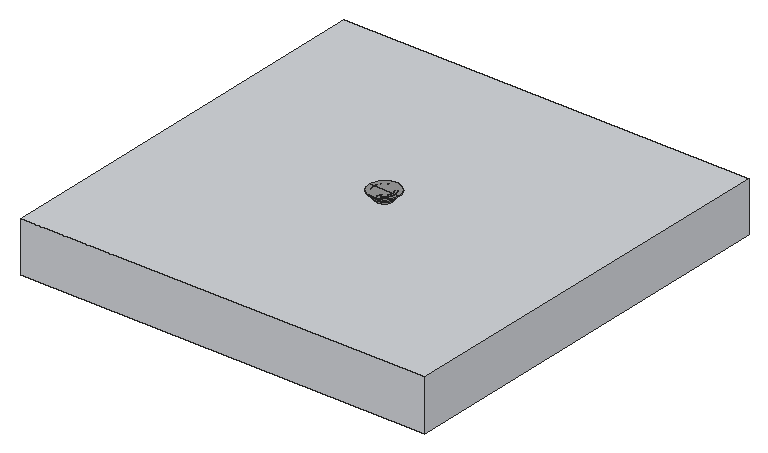
Revit family "LAMP_MUN DARK 180 SURFACE", category Modelos genéricos, Revit 2015
Parameters (values of type "45LM 3000 GRAPHITE")
  Weight = 0.616 kg
  Type = "OSRAM"
  Protection rating = "IP20"
  Product datasheet = "http://www.lamp.es/product-files/TECH/MD1180SF0120830NB-EN.pdf"
  Product code = "MD1180SF0120830NB"
  Product URL = "https://www.lamp.es/en/family/mun-dark_33380"
  Power Supply = "100-127-240V 50-60Hz"
  Power = 0.8 W
  Plum = 2.1 W
  Photometric web file = Fotometria Mun Dark 180 : 3000K
  Modelo = Product code  # "MD1180SF0120830NB"
  Material difusor = LAMP_PC Difusor Opal MunDark
  Material cuerpo = LAMP_Aluminio Mun Dark BL
  Material base = LAMP_Aluminio base MunDark BL
  Manufacturer name = "LAMP"
  Manufacturer country = "Spain"
  Manufacturer URL = "http://www.lamp.es/en"
  MacAdam = "<3"
  Luminaire type = "Indoor - Wall mounted"
  Last update = "06/11/2020"
  Lamp = "OSRAM LED"
  LED Lifetime = "50000 L70 B50"
  Insulation class = "I"
  Installation instructions = "http://www.lamp.es/product-files/INS/1004080-B-INSTR.%20MUN%20DARK.pdf"
  Initial intensity = 45 lm
  Initial color = 3000 K
  IEE = "A++"
  Height = 47 mm
  Gear = "Electronic"
  Finish = "Texturised matte graphite"
  Fabricante = Manufacturer name  # "LAMP"
  Default Elevation = 1219.2 mm
  Efficacy = 21.4 lm/W
  Diameter = 180 mm
  Descripción = "MUN DARK Ø180 WW GRH."
  CRI = "80"
Reference planes
  plane 1 "Centro (Frontal/Posterior)": y = 0
  plane 2: z = 0
  plane 3 "Centro (Izquierda/Derecha)": x = 0
Forms (mm)
  Extrusion 1, solid
    sketch origin (0, 0, 0) x (1, 0, 0) y (0, 1, 0)
      loop
        line (-1219.2, 1219.2) -> (-1219.2, -1219.2) -> (1219.2, -1219.2) -> (1219.2, 1219.2) -> (-1219.2, 1219.2)
    from 0 to -304.8
  Revolve 2, solid, material "LAMP_Aluminio Mun Dark BL" <- "Material cuerpo"
    sketch origin (0, 0, -10) x (1, 0, 0) y (0, 0, 1)
      loop
        line (0, 57) -> (0, 28.139) -> (48.5, 28.139) -> (48.5, 54.3) -> (64.2, 54.3) -> (64.2, 48.3) -> (65.2, 48.3) -> (65.2, 55) -> (90, 55) -> (90, 57) -> (0, 57)
      axis (0, 57) -> (0, 28.139)
    angle from 0 to 360
  Revolve 3, solid, material "LAMP_PC Difusor Opal MunDark" <- "Material difusor"
    sketch origin (0, 0, -10) x (1, 0, 0) y (0, 0, 1)
      loop
        line (62.194, 49.616) -> (60.194, 49.616) -> (63.173, 44.456) -> (63.173, 32.941) -> (63.173, 31.506) -> (48.373, 26.697) -> (48.373, 24.697) -> (63.1, 29.482)
        arc (63.1, 29.482) -> (64.6, 30.572) -> (65.173, 32.335) r 3
        line (65.173, 32.335) -> (65.173, 44.456) -> (62.194, 49.616)
      axis (0, 49.616) -> (0, 24.697)
    angle from 0 to 360
  Revolve 4, solid, material "LAMP_Aluminio base MunDark BL" <- "Material base"
    sketch origin (0, 0, 0) x (1, 0, 0) y (0, 0, 1)
      loop
        line (48.5, 14.697) -> (0, 14.697) -> (0, 0) -> (48.5, 0) -> (48.5, 14.697)
      axis (0, 14.697) -> (0, 0)
    angle from 0 to 360
Text (mm)
  text "Any modification of the parameters and properties of the LAMP BIM models must be executed and validated by the LAMP technical department.\n\nPhone: +34 93 736 68 00\n\nE-mail: lamp@lamp.es\n\n\n\nLAMP reserves the right to modify the technical specifications of its products." at (-15650.117, 15564.922, -14698.396), in view "Preview"
Dimensions and locks
  aligned and locked: plane 2 to Extrusion 1
  aligned and locked: level to Extrusion 1
Nested families
  nested 1: "Fotometria Mun Dark 180" at (0, 0, -1383.136), type <- "Photometric web file", type "3000K"
Connectors
  electrical at (0, 0, 0)
    settings: on Revolve 4, index 1, voltage 230 V, apparent load 0 VA, apparent load phase1 0 VA, apparent load phase2 0 VA, apparent load phase3 0 VA, power factor 1, load classification "Otro", number of poles 1, system type 31, power factor state 1, is connector primary yes, connector utility no, sub classification motor no, connector description ""
Definition of nested family "Fotometria Mun Dark 180"
  Parameters (values of type "3000K")
    Tilt Angle = -90.00°
    Wattage = 4.25532 W
    built-in parameter 1150110 = 1 (stored number, unit not read)
    built-in parameter 1150142 = "IESNA:LM-63-1995\r\n[TEST] 10540110\r\n[DATE] 26-10-2016\r\n[MANUFAC] LAMP S.A.\r\n[LUMCAT] 10540110\r\n[LUMINAIRE] MUN DARK??180 NW WH.\r\n[LAMPCAT] 300mm de tira flexible LF06A-W3F-840 a 350mA\r\n[LAMP] \r\nTILT=NONE\r\n    1        45 1.00   37   36    1    1   0.400   0.180   0.047\r\n  1.0  1.0    2.0\r\n    0.0    5.0   10.0   15.0   20.0   25.0   30.0   35.0   40.0   45.0   50.0   55.0   60.0   65.0   70.0   75.0   80.0   85.0   90.0   95.0  100.0  105.0  110.0  115.0  120.0  125.0  130.0  135.0  140.0  145.0  150.0  155.0  160.0  165.0  170.0  175.0  180.0\r\n    0.0   10.0   20.0   30.0   40.0   50.0   60.0   70.0   80.0   90.0  100.0  110.0  120.0  130.0  140.0  150.0  160.0  170.0  180.0  190.0  200.0  210.0  220.0  230.0  240.0  250.0  260.0  270.0  280.0  290.0  300.0  310.0  320.0  330.0  340.0  350.0\r\n       9.1       8.9       8.4       7.9       7.8       7.8       7.8       7.7       7.6       7.5       7.3       7.0       6.6       6.2       5.7       5.2       4.6       4.1       3.5       3.1       2.3       1.1       0.6       0.4       0.4       0.3       0.3       0.3       0.3       0.1       0.0       0.0       0.0       0.0       0.0       0.0       0.0\r\n       9.1       8.9       8.4       7.9       7.8       7.8       7.8       7.7       7.6       7.5       7.3       7.0       6.6       6.2       5.7       5.2       4.6       4.1       3.5       3.1       2.3       1.1       0.5       0.4       0.4       0.3       0.3       0.3       0.3       0.1       0.0       0.0       0.0       0.0       0.0       0.0       0.0\r\n       9.1       8.9       8.4       7.9       7.8       7.8       7.8       7.7       7.6       7.5       7.3       7.0       6.6       6.2       5.7       5.2       4.6       4.1       3.5       3.1       2.3       1.1       0.6       0.4       0.4       0.3       0.3       0.3       0.3       0.1       0.0       0.0       0.0       0.0       0.0       0.0       0.0\r\n       9.1       8.9       8.4       7.9       7.8       7.8       7.8       7.7       7.6       7.5       7.3       7.0       6.6       6.2       5.7       5.2       4.6       4.1       3.5       3.1       2.3       1.1       0.6       0.4       0.4       0.3       0.3       0.3       0.3       0.1       0.0       0.0       0.0       0.0       0.0       0.0       0.0\r\n       9.1       8.9       8.4       7.9       7.8       7.8       7.8       7.7       7.6       7.5       7.3       7.0       6.6       6.2       5.7       5.2       4.7       4.1       3.6       3.1       2.3       1.1       0.6       0.4       0.4       0.3       0.3       0.3       0.3       0.1       0.0       0.0       0.0       0.0       0.0       0.0       0.0\r\n       9.1       8.9       8.4       7.9       7.8       7.8       7.8       7.7       7.6       7.5       7.3       7.0       6.6       6.2       5.7       5.2       4.7       4.1       3.6       3.1       2.3       1.1       0.6       0.4       0.4       0.3       0.3       0.3       0.3       0.1       0.0       0.0       0.0       0.0       0.0       0.0       0.0\r\n       9.1       8.9       8.4       7.9       7.8       7.8       7.8       7.7       7.6       7.5       7.3       7.0       6.6       6.2       5.7       5.2       4.6       4.1       3.5       3.1       2.3       1.1       0.6       0.4       0.4       0.3       0.3       0.3       0.3       0.1       0.0       0.0       0.0       0.0       0.0       0.0       0.0\r\n       9.1       8.9       8.4       7.9       7.8       7.8       7.8       7.7       7.6       7.5       7.3       7.0       6.6       6.2       5.7       5.2       4.6       4.1       3.5       3.1       2.3       1.1       0.6       0.4       0.4       0.3       0.3       0.3       0.3       0.1       0.0       0.0       0.0       0.0       0.0       0.0       0.0\r\n       9.1       8.9       8.4       7.9       7.8       7.8       7.8       7.7       7.6       7.5       7.3       7.0       6.6       6.2       5.7       5.2       4.6       4.1       3.5       3.1       2.3       1.1       0.5       0.4       0.4       0.3       0.3       0.3       0.3       0.1       0.0       0.0       0.0       0.0       0.0       0.0       0.0\r\n       9.1       8.9       8.4       7.9       7.8       7.8       7.8       7.7       7.6       7.5       7.3       7.0       6.6       6.2       5.7       5.2       4.6       4.1       3.5       3.1       2.3       1.1       0.6       0.4       0.4       0.3       0.3       0.3       0.3       0.1       0.0       0.0       0.0       0.0       0.0       0.0       0.0\r\n       9.1       8.9       8.4       7.9       7.8       7.8       7.8       7.7       7.6       7.5       7.3       7.0       6.6       6.2       5.7       5.2       4.6       4.1       3.5       3.1       2.3       1.1       0.5       0.4       0.4       0.3       0.3       0.3       0.3       0.1       0.0       0.0       0.0       0.0       0.0       0.0       0.0\r\n       9.1       8.9       8.4       7.9       7.8       7.8       7.8       7.7       7.6       7.5       7.3       7.0       6.6       6.2       5.7       5.2       4.6       4.1       3.5       3.1       2.3       1.1       0.6       0.4       0.4       0.3       0.3       0.3       0.3       0.1       0.0       0.0       0.0       0.0       0.0       0.0       0.0\r\n       9.1       8.9       8.4       7.9       7.8       7.8       7.8       7.7       7.6       7.5       7.3       7.0       6.6       6.2       5.7       5.2       4.6       4.1       3.5       3.1       2.3       1.1       0.6       0.4       0.4       0.3       0.3       0.3       0.3       0.1       0.0       0.0       0.0       0.0       0.0       0.0       0.0\r\n       9.1       8.9       8.4       7.9       7.8       7.8       7.8       7.7       7.6       7.5       7.3       7.0       6.6       6.2       5.7       5.2       4.7       4.1       3.6       3.1       2.3       1.1       0.6       0.4       0.4       0.3       0.3       0.3       0.3       0.1       0.0       0.0       0.0       0.0       0.0       0.0       0.0\r\n       9.1       8.9       8.4       7.9       7.8       7.8       7.8       7.7       7.6       7.5       7.3       7.0       6.6       6.2       5.7       5.2       4.7       4.1       3.6       3.1       2.3       1.1       0.6       0.4       0.4       0.3       0.3       0.3       0.3       0.1       0.0       0.0       0.0       0.0       0.0       0.0       0.0\r\n       9.1       8.9       8.4       7.9       7.8       7.8       7.8       7.7       7.6       7.5       7.3       7.0       6.6       6.2       5.7       5.2       4.6       4.1       3.5       3.1       2.3       1.1       0.6       0.4       0.4       0.3       0.3       0.3       0.3       0.1       0.0       0.0       0.0       0.0       0.0       0.0       0.0\r\n       9.1       8.9       8.4       7.9       7.8       7.8       7.8       7.7       7.6       7.5       7.3       7.0       6.6       6.2       5.7       5.2       4.6       4.1       3.5       3.1       2.3       1.1       0.6       0.4       0.4       0.3       0.3       0.3       0.3       0.1       0.0       0.0       0.0       0.0       0.0       0.0       0.0\r\n       9.1       8.9       8.4       7.9       7.8       7.8       7.8       7.7       7.6       7.5       7.3       7.0       6.6       6.2       5.7       5.2       4.6       4.1       3.5       3.1       2.3       1.1       0.5       0.4       0.4       0.3       0.3       0.3       0.3       0.1       0.0       0.0       0.0       0.0       0.0       0.0       0.0\r\n       9.1       8.9       8.4       7.9       7.8       7.8       7.8       7.7       7.6       7.5       7.3       7.0       6.6       6.2       5.7       5.2       4.6       4.1       3.5       3.1       2.3       1.1       0.6       0.4       0.4       0.3       0.3       0.3       0.3       0.1       0.0       0.0       0.0       0.0       0.0       0.0       0.0\r\n       9.1       8.9       8.4       7.9       7.8       7.8       7.8       7.7       7.6       7.5       7.3       7.0       6.6       6.2       5.7       5.2       4.6       4.1       3.5       3.1       2.3       1.1       0.5       0.4       0.4       0.3       0.3       0.3       0.3       0.1       0.0       0.0       0.0       0.0       0.0       0.0       0.0\r\n       9.1       8.9       8.4       7.9       7.8       7.8       7.8       7.7       7.6       7.5       7.3       7.0       6.6       6.2       5.7       5.2       4.6       4.1       3.5       3.1       2.3       1.1       0.6       0.4       0.4       0.3       0.3       0.3       0.3       0.1       0.0       0.0       0.0       0.0       0.0       0.0       0.0\r\n       9.1       8.9       8.4       7.9       7.8       7.8       7.8       7.7       7.6       7.5       7.3       7.0       6.6       6.2       5.7       5.2       4.6       4.1       3.5       3.1       2.3       1.1       0.6       0.4       0.4       0.3       0.3       0.3       0.3       0.1       0.0       0.0       0.0       0.0       0.0       0.0       0.0\r\n       9.1       8.9       8.4       7.9       7.8       7.8       7.8       7.7       7.6       7.5       7.3       7.0       6.6       6.2       5.7       5.2       4.7       4.1       3.6       3.1       2.3       1.1       0.6       0.4       0.4       0.3       0.3       0.3       0.3       0.1       0.0       0.0       0.0       0.0       0.0       0.0       0.0\r\n       9.1       8.9       8.4       7.9       7.8       7.8       7.8       7.7       7.6       7.5       7.3       7.0       6.6       6.2       5.7       5.2       4.7       4.1       3.6       3.1       2.3       1.1       0.6       0.4       0.4       0.3       0.3       0.3       0.3       0.1       0.0       0.0       0.0       0.0       0.0       0.0       0.0\r\n       9.1       8.9       8.4       7.9       7.8       7.8       7.8       7.7       7.6       7.5       7.3       7.0       6.6       6.2       5.7       5.2       4.6       4.1       3.5       3.1       2.3       1.1       0.6       0.4       0.4       0.3       0.3       0.3       0.3       0.1       0.0       0.0       0.0       0.0       0.0       0.0       0.0\r\n       9.1       8.9       8.4       7.9       7.8       7.8       7.8       7.7       7.6       7.5       7.3       7.0       6.6       6.2       5.7       5.2       4.6       4.1       3.5       3.1       2.3       1.1       0.6       0.4       0.4       0.3       0.3       0.3       0.3       0.1       0.0       0.0       0.0       0.0       0.0       0.0       0.0\r\n       9.1       8.9       8.4       7.9       7.8       7.8       7.8       7.7       7.6       7.5       7.3       7.0       6.6       6.2       5.7       5.2       4.6       4.1       3.5       3.1       2.3       1.1       0.5       0.4       0.4       0.3       0.3       0.3       0.3       0.1       0.0       0.0       0.0       0.0       0.0       0.0       0.0\r\n       9.1       8.9       8.4       7.9       7.8       7.8       7.8       7.7       7.6       7.5       7.3       7.0       6.6       6.2       5.7       5.2       4.6       4.1       3.5       3.1       2.3       1.1       0.6       0.4       0.4       0.3       0.3       0.3       0.3       0.1       0.0       0.0       0.0       0.0       0.0       0.0       0.0\r\n       9.1       8.9       8.4       7.9       7.8       7.8       7.8       7.7       7.6       7.5       7.3       7.0       6.6       6.2       5.7       5.2       4.6       4.1       3.5       3.1       2.3       1.1       0.5       0.4       0.4       0.3       0.3       0.3       0.3       0.1       0.0       0.0       0.0       0.0       0.0       0.0       0.0\r\n       9.1       8.9       8.4       7.9       7.8       7.8       7.8       7.7       7.6       7.5       7.3       7.0       6.6       6.2       5.7       5.2       4.6       4.1       3.5       3.1       2.3       1.1       0.6       0.4       0.4       0.3       0.3       0.3       0.3       0.1       0.0       0.0       0.0       0.0       0.0       0.0       0.0\r\n       9.1       8.9       8.4       7.9       7.8       7.8       7.8       7.7       7.6       7.5       7.3       7.0       6.6       6.2       5.7       5.2       4.6       4.1       3.5       3.1       2.3       1.1       0.6       0.4       0.4       0.3       0.3       0.3       0.3       0.1       0.0       0.0       0.0       0.0       0.0       0.0       0.0\r\n       9.1       8.9       8.4       7.9       7.8       7.8       7.8       7.7       7.6       7.5       7.3       7.0       6.6       6.2       5.7       5.2       4.7       4.1       3.6       3.1       2.3       1.1       0.6       0.4       0.4       0.3       0.3       0.3       0.3       0.1       0.0       0.0       0.0       0.0       0.0       0.0       0.0\r\n       9.1       8.9       8.4       7.9       7.8       7.8       7.8       7.7       7.6       7.5       7.3       7.0       6.6       6.2       5.7       5.2       4.7       4.1       3.6       3.1       2.3       1.1       0.6       0.4       0.4       0.3       0.3       0.3       0.3       0.1       0.0       0.0       0.0       0.0       0.0       0.0       0.0\r\n       9.1       8.9       8.4       7.9       7.8       7.8       7.8       7.7       7.6       7.5       7.3       7.0       6.6       6.2       5.7       5.2       4.6       4.1       3.5       3.1       2.3       1.1       0.6       0.4       0.4       0.3       0.3       0.3       0.3       0.1       0.0       0.0       0.0       0.0       0.0       0.0       0.0\r\n       9.1       8.9       8.4       7.9       7.8       7.8       7.8       7.7       7.6       7.5       7.3       7.0       6.6       6.2       5.7       5.2       4.6       4.1       3.5       3.1       2.3       1.1       0.6       0.4       0.4       0.3       0.3       0.3       0.3       0.1       0.0       0.0       0.0       0.0       0.0       0.0       0.0\r\n       9.1       8.9       8.4       7.9       7.8       7.8       7.8       7.7       7.6       7.5       7.3       7.0       6.6       6.2       5.7       5.2       4.6       4.1       3.5       3.1       2.3       1.1       0.5       0.4       0.4       0.3       0.3       0.3       0.3       0.1       0.0       0.0       0.0       0.0       0.0       0.0       0.0\r\n"
    built-in parameter 1114217 = 1 (stored number, unit not read)
    built-in parameter 1150109 = 1 (stored number, unit not read)
    built-in parameter 1150134 = (empty or 0)
    built-in parameter 1150113 = 1 (stored number, unit not read)
    Lumens = 80 lm
    built-in parameter 1150115 = 1 (stored number, unit not read)
    built-in parameter 1150105 = 16.178 (stored number, unit not read)
    built-in parameter 1150137 = (empty or 0)
    built-in parameter 1150139 = (empty or 0)
    built-in parameter 1150112 = 1 (stored number, unit not read)
    built-in parameter 1150114 = 1 (stored number, unit not read)
    built-in parameter 1150132 = 2
    built-in parameter 1150102 = (empty or 0)
    built-in parameter 1150138 = (empty or 0)
    built-in parameter 1150107 = 3000 (stored number, unit not read)
    built-in parameter 1150106 = 0.16178 (stored number, unit not read)
    built-in parameter 1150104 = 1.7466 (stored number, unit not read)
    Dimming Lamp Color Temperature Shift = (empty or 0)
    Color Filter = 16777215
    built-in parameter 1114218 = 1 (stored number, unit not read)
    Photometric Web File = "10540110.IES"
    built-in parameter 1150133 = 10 (stored number, unit not read)
  Types (3, lengths in mm): name | built-in parameter 1150142 | built-in parameter 1150134 | built-in parameter 1150105 | built-in parameter 1150107 | built-in parameter 1150106 | Photometric Web File
    (no name) | "IESNA:LM-63-1995\r\n[TEST] 10540110\r\n[DATE] 26-10-2016\r\n[MANUFAC] LAMP S.A.\r\n[LUMCAT] 10540110\r\n[LUMINAIRE] MUN DARK??180 NW WH.\r\n[LAMPCAT] 300mm de tira flexible LF06A-W3F-840 a 350mA\r\n[LAMP] \r\nTILT=NONE\r\n    1        45 1.00   37   36    1    1   0.400   0.180   0.047\r\n  1.0  1.0    2.0\r\n    0.0    5.0   10.0   15.0   20.0   25.0   30.0   35.0   40.0   45.0   50.0   55.0   60.0   65.0   70.0   75.0   80.0   85.0   90.0   95.0  100.0  105.0  110.0  115.0  120.0  125.0  130.0  135.0  140.0  145.0  150.0  155.0  160.0  165.0  170.0  175.0  180.0\r\n    0.0   10.0   20.0   30.0   40.0   50.0   60.0   70.0   80.0   90.0  100.0  110.0  120.0  130.0  140.0  150.0  160.0  170.0  180.0  190.0  200.0  210.0  220.0  230.0  240.0  250.0  260.0  270.0  280.0  290.0  300.0  310.0  320.0  330.0  340.0  350.0\r\n       9.1       8.9       8.4       7.9       7.8       7.8       7.8       7.7       7.6       7.5       7.3       7.0       6.6       6.2       5.7       5.2       4.6       4.1       3.5       3.1       2.3       1.1       0.6       0.4       0.4       0.3       0.3       0.3       0.3       0.1       0.0       0.0       0.0       0.0       0.0       0.0       0.0\r\n       9.1       8.9       8.4       7.9       7.8       7.8       7.8       7.7       7.6       7.5       7.3       7.0       6.6       6.2       5.7       5.2       4.6       4.1       3.5       3.1       2.3       1.1       0.5       0.4       0.4       0.3       0.3       0.3       0.3       0.1       0.0       0.0       0.0       0.0       0.0       0.0       0.0\r\n       9.1       8.9       8.4       7.9       7.8       7.8       7.8       7.7       7.6       7.5       7.3       7.0       6.6       6.2       5.7       5.2       4.6       4.1       3.5       3.1       2.3       1.1       0.6       0.4       0.4       0.3       0.3       0.3       0.3       0.1       0.0       0.0       0.0       0.0       0.0       0.0       0.0\r\n       9.1       8.9       8.4       7.9       7.8       7.8       7.8       7.7       7.6       7.5       7.3       7.0       6.6       6.2       5.7       5.2       4.6       4.1       3.5       3.1       2.3       1.1       0.6       0.4       0.4       0.3       0.3       0.3       0.3       0.1       0.0       0.0       0.0       0.0       0.0       0.0       0.0\r\n       9.1       8.9       8.4       7.9       7.8       7.8       7.8       7.7       7.6       7.5       7.3       7.0       6.6       6.2       5.7       5.2       4.7       4.1       3.6       3.1       2.3       1.1       0.6       0.4       0.4       0.3       0.3       0.3       0.3       0.1       0.0       0.0       0.0       0.0       0.0       0.0       0.0\r\n       9.1       8.9       8.4       7.9       7.8       7.8       7.8       7.7       7.6       7.5       7.3       7.0       6.6       6.2       5.7       5.2       4.7       4.1       3.6       3.1       2.3       1.1       0.6       0.4       0.4       0.3       0.3       0.3       0.3       0.1       0.0       0.0       0.0       0.0       0.0       0.0       0.0\r\n       9.1       8.9       8.4       7.9       7.8       7.8       7.8       7.7       7.6       7.5       7.3       7.0       6.6       6.2       5.7       5.2       4.6       4.1       3.5       3.1       2.3       1.1       0.6       0.4       0.4       0.3       0.3       0.3       0.3       0.1       0.0       0.0       0.0       0.0       0.0       0.0       0.0\r\n       9.1       8.9       8.4       7.9       7.8       7.8       7.8       7.7       7.6       7.5       7.3       7.0       6.6       6.2       5.7       5.2       4.6       4.1       3.5       3.1       2.3       1.1       0.6       0.4       0.4       0.3       0.3       0.3       0.3       0.1       0.0       0.0       0.0       0.0       0.0       0.0       0.0\r\n       9.1       8.9       8.4       7.9       7.8       7.8       7.8       7.7       7.6       7.5       7.3       7.0       6.6       6.2       5.7       5.2       4.6       4.1       3.5       3.1       2.3       1.1       0.5       0.4       0.4       0.3       0.3       0.3       0.3       0.1       0.0       0.0       0.0       0.0       0.0       0.0       0.0\r\n       9.1       8.9       8.4       7.9       7.8       7.8       7.8       7.7       7.6       7.5       7.3       7.0       6.6       6.2       5.7       5.2       4.6       4.1       3.5       3.1       2.3       1.1       0.6       0.4       0.4       0.3       0.3       0.3       0.3       0.1       0.0       0.0       0.0       0.0       0.0       0.0       0.0\r\n       9.1       8.9       8.4       7.9       7.8       7.8       7.8       7.7       7.6       7.5       7.3       7.0       6.6       6.2       5.7       5.2       4.6       4.1       3.5       3.1       2.3       1.1       0.5       0.4       0.4       0.3       0.3       0.3       0.3       0.1       0.0       0.0       0.0       0.0       0.0       0.0       0.0\r\n       9.1       8.9       8.4       7.9       7.8       7.8       7.8       7.7       7.6       7.5       7.3       7.0       6.6       6.2       5.7       5.2       4.6       4.1       3.5       3.1       2.3       1.1       0.6       0.4       0.4       0.3       0.3       0.3       0.3       0.1       0.0       0.0       0.0       0.0       0.0       0.0       0.0\r\n       9.1       8.9       8.4       7.9       7.8       7.8       7.8       7.7       7.6       7.5       7.3       7.0       6.6       6.2       5.7       5.2       4.6       4.1       3.5       3.1       2.3       1.1       0.6       0.4       0.4       0.3       0.3       0.3       0.3       0.1       0.0       0.0       0.0       0.0       0.0       0.0       0.0\r\n       9.1       8.9       8.4       7.9       7.8       7.8       7.8       7.7       7.6       7.5       7.3       7.0       6.6       6.2       5.7       5.2       4.7       4.1       3.6       3.1       2.3       1.1       0.6       0.4       0.4       0.3       0.3       0.3       0.3       0.1       0.0       0.0       0.0       0.0       0.0       0.0       0.0\r\n       9.1       8.9       8.4       7.9       7.8       7.8       7.8       7.7       7.6       7.5       7.3       7.0       6.6       6.2       5.7       5.2       4.7       4.1       3.6       3.1       2.3       1.1       0.6       0.4       0.4       0.3       0.3       0.3       0.3       0.1       0.0       0.0       0.0       0.0       0.0       0.0       0.0\r\n       9.1       8.9       8.4       7.9       7.8       7.8       7.8       7.7       7.6       7.5       7.3       7.0       6.6       6.2       5.7       5.2       4.6       4.1       3.5       3.1       2.3       1.1       0.6       0.4       0.4       0.3       0.3       0.3       0.3       0.1       0.0       0.0       0.0       0.0       0.0       0.0       0.0\r\n       9.1       8.9       8.4       7.9       7.8       7.8       7.8       7.7       7.6       7.5       7.3       7.0       6.6       6.2       5.7       5.2       4.6       4.1       3.5       3.1       2.3       1.1       0.6       0.4       0.4       0.3       0.3       0.3       0.3       0.1       0.0       0.0       0.0       0.0       0.0       0.0       0.0\r\n       9.1       8.9       8.4       7.9       7.8       7.8       7.8       7.7       7.6       7.5       7.3       7.0       6.6       6.2       5.7       5.2       4.6       4.1       3.5       3.1       2.3       1.1       0.5       0.4       0.4       0.3       0.3       0.3       0.3       0.1       0.0       0.0       0.0       0.0       0.0       0.0       0.0\r\n       9.1       8.9       8.4       7.9       7.8       7.8       7.8       7.7       7.6       7.5       7.3       7.0       6.6       6.2       5.7       5.2       4.6       4.1       3.5       3.1       2.3       1.1       0.6       0.4       0.4       0.3       0.3       0.3       0.3       0.1       0.0       0.0       0.0       0.0       0.0       0.0       0.0\r\n       9.1       8.9       8.4       7.9       7.8       7.8       7.8       7.7       7.6       7.5       7.3       7.0       6.6       6.2       5.7       5.2       4.6       4.1       3.5       3.1       2.3       1.1       0.5       0.4       0.4       0.3       0.3       0.3       0.3       0.1       0.0       0.0       0.0       0.0       0.0       0.0       0.0\r\n       9.1       8.9       8.4       7.9       7.8       7.8       7.8       7.7       7.6       7.5       7.3       7.0       6.6       6.2       5.7       5.2       4.6       4.1       3.5       3.1       2.3       1.1       0.6       0.4       0.4       0.3       0.3       0.3       0.3       0.1       0.0       0.0       0.0       0.0       0.0       0.0       0.0\r\n       9.1       8.9       8.4       7.9       7.8       7.8       7.8       7.7       7.6       7.5       7.3       7.0       6.6       6.2       5.7       5.2       4.6       4.1       3.5       3.1       2.3       1.1       0.6       0.4       0.4       0.3       0.3       0.3       0.3       0.1       0.0       0.0       0.0       0.0       0.0       0.0       0.0\r\n       9.1       8.9       8.4       7.9       7.8       7.8       7.8       7.7       7.6       7.5       7.3       7.0       6.6       6.2       5.7       5.2       4.7       4.1       3.6       3.1       2.3       1.1       0.6       0.4       0.4       0.3       0.3       0.3       0.3       0.1       0.0       0.0       0.0       0.0       0.0       0.0       0.0\r\n       9.1       8.9       8.4       7.9       7.8       7.8       7.8       7.7       7.6       7.5       7.3       7.0       6.6       6.2       5.7       5.2       4.7       4.1       3.6       3.1       2.3       1.1       0.6       0.4       0.4       0.3       0.3       0.3       0.3       0.1       0.0       0.0       0.0       0.0       0.0       0.0       0.0\r\n       9.1       8.9       8.4       7.9       7.8       7.8       7.8       7.7       7.6       7.5       7.3       7.0       6.6       6.2       5.7       5.2       4.6       4.1       3.5       3.1       2.3       1.1       0.6       0.4       0.4       0.3       0.3       0.3       0.3       0.1       0.0       0.0       0.0       0.0       0.0       0.0       0.0\r\n       9.1       8.9       8.4       7.9       7.8       7.8       7.8       7.7       7.6       7.5       7.3       7.0       6.6       6.2       5.7       5.2       4.6       4.1       3.5       3.1       2.3       1.1       0.6       0.4       0.4       0.3       0.3       0.3       0.3       0.1       0.0       0.0       0.0       0.0       0.0       0.0       0.0\r\n       9.1       8.9       8.4       7.9       7.8       7.8       7.8       7.7       7.6       7.5       7.3       7.0       6.6       6.2       5.7       5.2       4.6       4.1       3.5       3.1       2.3       1.1       0.5       0.4       0.4       0.3       0.3       0.3       0.3       0.1       0.0       0.0       0.0       0.0       0.0       0.0       0.0\r\n       9.1       8.9       8.4       7.9       7.8       7.8       7.8       7.7       7.6       7.5       7.3       7.0       6.6       6.2       5.7       5.2       4.6       4.1       3.5       3.1       2.3       1.1       0.6       0.4       0.4       0.3       0.3       0.3       0.3       0.1       0.0       0.0       0.0       0.0       0.0       0.0       0.0\r\n       9.1       8.9       8.4       7.9       7.8       7.8       7.8       7.7       7.6       7.5       7.3       7.0       6.6       6.2       5.7       5.2       4.6       4.1       3.5       3.1       2.3       1.1       0.5       0.4       0.4       0.3       0.3       0.3       0.3       0.1       0.0       0.0       0.0       0.0       0.0       0.0       0.0\r\n       9.1       8.9       8.4       7.9       7.8       7.8       7.8       7.7       7.6       7.5       7.3       7.0       6.6       6.2       5.7       5.2       4.6       4.1       3.5       3.1       2.3       1.1       0.6       0.4       0.4       0.3       0.3       0.3       0.3       0.1       0.0       0.0       0.0       0.0       0.0       0.0       0.0\r\n       9.1       8.9       8.4       7.9       7.8       7.8       7.8       7.7       7.6       7.5       7.3       7.0       6.6       6.2       5.7       5.2       4.6       4.1       3.5       3.1       2.3       1.1       0.6       0.4       0.4       0.3       0.3       0.3       0.3       0.1       0.0       0.0       0.0       0.0       0.0       0.0       0.0\r\n       9.1       8.9       8.4       7.9       7.8       7.8       7.8       7.7       7.6       7.5       7.3       7.0       6.6       6.2       5.7       5.2       4.7       4.1       3.6       3.1       2.3       1.1       0.6       0.4       0.4       0.3       0.3       0.3       0.3       0.1       0.0       0.0       0.0       0.0       0.0       0.0       0.0\r\n       9.1       8.9       8.4       7.9       7.8       7.8       7.8       7.7       7.6       7.5       7.3       7.0       6.6       6.2       5.7       5.2       4.7       4.1       3.6       3.1       2.3       1.1       0.6       0.4       0.4       0.3       0.3       0.3       0.3       0.1       0.0       0.0       0.0       0.0       0.0       0.0       0.0\r\n       9.1       8.9       8.4       7.9       7.8       7.8       7.8       7.7       7.6       7.5       7.3       7.0       6.6       6.2       5.7       5.2       4.6       4.1       3.5       3.1       2.3       1.1       0.6       0.4       0.4       0.3       0.3       0.3       0.3       0.1       0.0       0.0       0.0       0.0       0.0       0.0       0.0\r\n       9.1       8.9       8.4       7.9       7.8       7.8       7.8       7.7       7.6       7.5       7.3       7.0       6.6       6.2       5.7       5.2       4.6       4.1       3.5       3.1       2.3       1.1       0.6       0.4       0.4       0.3       0.3       0.3       0.3       0.1       0.0       0.0       0.0       0.0       0.0       0.0       0.0\r\n       9.1       8.9       8.4       7.9       7.8       7.8       7.8       7.7       7.6       7.5       7.3       7.0       6.6       6.2       5.7       5.2       4.6       4.1       3.5       3.1       2.3       1.1       0.5       0.4       0.4       0.3       0.3       0.3       0.3       0.1       0.0       0.0       0.0       0.0       0.0       0.0       0.0\r\n" | (empty or 0) | 16.178 (stored number, unit not read) | 3000 (stored number, unit not read) | 0.16178 (stored number, unit not read) | "10540110.IES"
